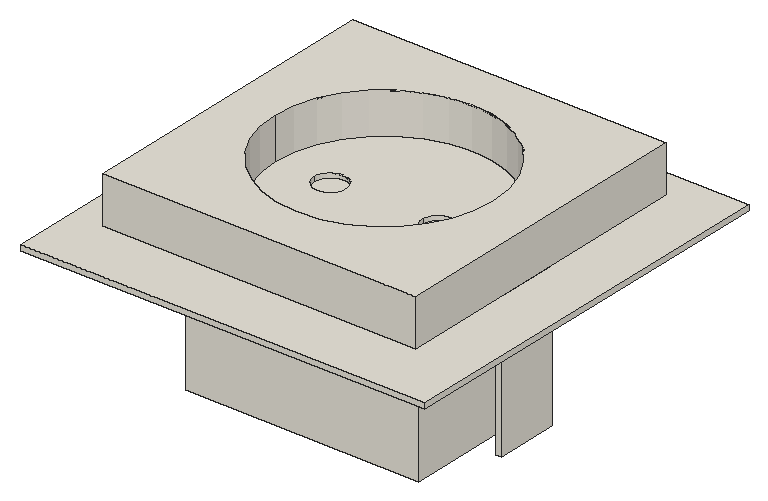
Revit family "Gira_277628", category Electrical Fixtures, host Face, Revit 2017
Family settings
  Host = Face
  Maintain Annotation Orientation = Yes
  Round Connector Dimension = Use Diameter
  Part Type = Normal
  Cut with Voids When Loaded = No
  Shared = No
  Room Calculation Point = No
Parameters (values of type "Steckd. BS 13 A SH System 55 Anthrazit")
  Überspannungsschutz = "No"
  Werkstoffgüte = "sonstige"
  Werkstoff = "sonstige"
  Verdrehter Zentraleinsatz = "No"
  URL = "http://katalog.gira.de/de_DE/datenblatt.html?artikelnr=277628"
  Transparent = "No"
  Textfeld/Beschriftungsfläche = "No"
  Sonderstromversorgung = "ohne Sonderstromversorgung"
  Schutzleiterkontakt rund = "No"
  Schutzkontakt = "No"
  Region = "DE"
  Oberfläche = "sonstige"
  Nennstrom = "13 Ampere"
  Nennspannung = "250 Volt"
  Name = "Steckd. BS 13 A SH System 55 Anthrazit"
  Montageart = "unter Putz"
  Model = "SYS55_Steckdose"
  Mit erhöhtem Berührungsschutz = "Yes"
  Mit eingebauter USB-Spannungsversorgung = "No"
  Mit Signallampe = "No"
  Mit Orientierungsbeleuchtung = "No"
  Mit Klappdeckel = "No"
  Mit Funktionsbeleuchtung = "No"
  Mit Feinsicherung = "No"
  Mit Ein-/Ausschalter = "No"
  Mit Durchschleiffunktion = "No"
  Manufacturer URL = "https://www.gira.de/"
  Isolierter Einbau = "No"
  HeinzeBIM = "https://bimportal.heinze.de/bim/steckd-bs-13-a-sh-system-55-anthrazit/f22b9c5bf33cd85ef0d881eac61b5384497cfa93"
  Halogenfrei = "No"
  HAN = "277628"
  Geeignet für Schutzart (IP) = "IP20"
  GTIN = "4010337079378"
  Für "erschwerte Bedingungen" (nach VDE) = "No"
  Fehlerstromschutz = "No"
  Farbe = "anthrazit"
  Default Elevation = 1219.2 mm
  Data sheet (1) = "https://katalog.gira.de/de_DE/download.html?artikelnr=277628"
  Cremeweiß glänzend = Cremeweiß glänzend
  Category = "Steckdose"
  Befestigungsart = "Befestigung mit Schraube"
  Available = "Yes"
  Auswurfmechanismus = "No"
  Ausführung = "British Standard"
  Aufdruck/Kennzeichnung = "ohne Aufdruck"
  Anzahl der Steckdosen schaltbar = "0 "
  Anzahl der Module (bei Modulbauweise) = "1 "
  Anzahl der Einheiten = "1 "
  Antibakterielle Behandlung = "No"
  Anschlussart = "Schraubklemme"
  Abschließbar = "No"
Reference planes
  plane 1 "Center (Front/Back)": y = 0
  plane 2 "Reference Level 0": z = 0
  plane 3 "Center (Left/Right)": x = 0
  plane 4: x = 9.5
  plane 5: x = -9.5
  plane 6: x = 9.5
  plane 7: x = -9.5
  plane 8: x = 9.5
  plane 9: x = -9.5
  plane 10: x = 17.5
  plane 11 "Reference Level 1": z = 8.2
Forms (mm)
  Extrusion 1, solid, material "Cremeweiß glänzend" <- "Cremeweiß glänzend", detail levels coarse
    sketch origin (0, 0, 0) x (1, 0, 0) y (0, 1, 0)
      loop
        line (-35.5, 35.5) -> (-35.5, -35.5) -> (35.5, -35.5) -> (35.5, 35.5) -> (-35.5, 35.5)
    from -27.5 to 8.2
  Extrusion 2, solid, material "Cremeweiß glänzend" <- "Cremeweiß glänzend", detail levels medium+fine
    sketch origin (0, 0, 0) x (1, 0, 0) y (0, 1, 0)
      loop
        line (-35.5, 35.5) -> (-35.5, -35.5) -> (35.5, -35.5) -> (35.5, 35.5) -> (-35.5, 35.5)
    from -2.2 to -3.2
  Extrusion 3, solid, material "Cremeweiß glänzend" <- "Cremeweiß glänzend", detail levels medium+fine
    sketch origin (0, 0, 0) x (1, 0, 0) y (0, 1, 0)
      loop
        line (-27.5, 27.5) -> (-27.5, -27.5) -> (27.5, -27.5) -> (27.5, 27.5) -> (-27.5, 27.5)
      loop
        circle (0, 0) r 19.2
    from 0 to 8.2
  Extrusion 4, solid, material "Cremeweiß glänzend" <- "Cremeweiß glänzend", detail levels fine
    sketch origin (0, 0, 0) x (1, 0, 0) y (0, 1, 0)
      loop
        circle (0, 0) r 19.2
      loop
        circle (9.5, 0) r 2.8
      loop
        circle (-9.5, 0) r 2.8
    from 0 to 1
  Extrusion 5, solid, material "Cremeweiß glänzend" <- "Cremeweiß glänzend", detail levels fine
    sketch origin (0, 0, 0) x (1, 0, 0) y (0, 1, 0)
      loop
        circle (-9.5, 0) r 2.8
      loop
        circle (9.5, 0) r 2.8
    from -2.2 to 0.3
  Extrusion 6, solid, material "Cremeweiß glänzend" <- "Cremeweiß glänzend", detail levels medium
    sketch origin (0, 0, 0) x (1, 0, 0) y (0, 1, 0)
      loop
        circle (0, 0) r 19.2
      loop
        circle (9.5, 0) r 2.8
      loop
        circle (-9.5, 0) r 2.8
    from 7.2 to 8.2
  Extrusion 7, solid, material "Cremeweiß glänzend" <- "Cremeweiß glänzend", detail levels medium
    sketch origin (0, 0, 0) x (1, 0, 0) y (0, 1, 0)
      loop
        circle (-9.5, 0) r 2.8
      loop
        circle (9.5, 0) r 2.8
    from 7.2 to 8.2
  Extrusion 8, solid, material "Cremeweiß glänzend" <- "Cremeweiß glänzend", detail levels medium+fine
    sketch origin (0, 0, 0) x (1, 0, 0) y (0, 1, 0)
      loop
        line (-20.5, 9) -> (-20.5, -18) -> (20.5, -18) -> (20.5, 9) -> (17.5, 9) -> (3, 21) -> (3, 24) -> (-3, 24) -> (-3, 21) -> (-17.5, 9) -> (-20.5, 9)
    from 0 to -27.5
  Extrusion 9, solid, material "Cremeweiß glänzend" <- "Cremeweiß glänzend", detail levels medium+fine
    sketch origin (0, 0, 0) x (1, 0, 0) y (0, 1, 0)
      loop
        line (-25, 5.5) -> (-25, -5.5) -> (-24, -5.5) -> (-24, 5.5) -> (-25, 5.5)
    from 0 to -27.5
  Extrusion 10, solid, material "Cremeweiß glänzend" <- "Cremeweiß glänzend", detail levels medium+fine
    sketch origin (0, 0, 0) x (-1, 0, 0) y (0, -1, 0)
      loop
        line (-25, 5.5) -> (-25, -5.5) -> (-24, -5.5) -> (-24, 5.5) -> (-25, 5.5)
    from 0 to -27.5
Dimensions and locks
  aligned and locked: plane 2 "Reference Level 0" to host face
  aligned and locked: level to host face
  aligned and locked: plane 3 "Center (Left/Right)" to nested 1
  aligned and locked: plane 1 "Center (Front/Back)" to nested 1
Nested families
  nested 1: "Steckdose 1-fach Beschriftung" at (0, 0, 0), type "Steckdose 1-fach Beschriftung"
Connectors
  electrical at (0, 9, -27.5)
    settings: on Extrusion 8, index 1, voltage 220 V, apparent load 0 VA, apparent load phase1 0 VA, apparent load phase2 0 VA, apparent load phase3 0 VA, power factor 1, load classification "Other", number of poles 1, system type 31, power factor state 1, is connector primary yes, connector utility no, sub classification motor no, connector description ""
Definition of nested family "Steckdose 1-fach Beschriftung"
  Reference planes
    plane 1: y = 0
    plane 2: x = 0
  Lines and regions (mm)
    detail lines
      curve 1: line (0, 0, 0) -> (0, 2, 0)
      curve 3: line (0, 2, 0) -> (-1, 2, 0)
      curve 4: arc (1, 3, 0) -> (0, 2, 0) -> (-1, 3, 0) r 1
      curve 5: line (0, 2, 0) -> (1, 2, 0)
    reference lines
      curve 2: line (-0.485, 3, 0) -> (2.315, 3, 0)
  Dimensions and locks
    curve 1 to curve 1 = 2 mm
    plane 1 to curve 2 = 3 mm
    curve 3 to curve 3 = 1 mm
